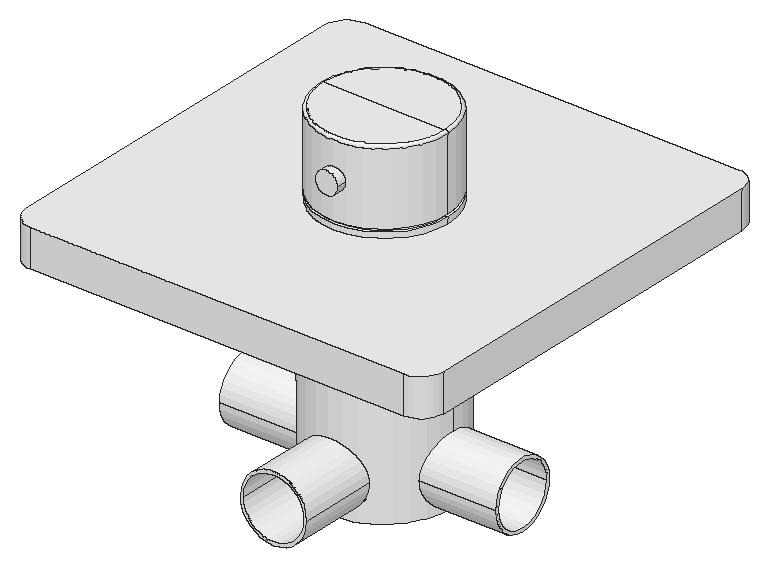
Revit family "Reece_Tap_American Standard_EasySET_Thermostatic Mixer", category Plumbing Fixtures, host Face, Revit 2018
Family settings
  Host = Face
  Round Connector Dimension = Use Diameter
  Part Type = Normal
  Cut with Voids When Loaded = No
  Shared = Yes
  Room Calculation Point = Yes
Parameters
  WFU = 0  # constant formula
  URL = "https://www.reece.com.au/product/-9508664"
  Type Comments = "Tap"
  Reece_Visibility_Mixer Outlet = if(Reece_Mixer_Outlet = 12 mm, 1 = 1, 1 = 0)  # yes
  Reece_Product_Web Page = "https://www.reece.com.au/product/-9508664"
  Reece_Product_Type = "Tap"  # constant formula
  Reece_Product_Sub Brand = "EasySET"  # constant formula
  Reece_Product_Number = "9508664"
  Reece_Product_Mount = "Wall Mounted"
  Reece_Product_Description = "American Standard EasySET Thermostatic Mixer Tap Chrome"
  Reece_Product_Brand = "American Standard"  # constant formula
  Reece_Overall_Width = 151 mm  # constant formula
  Reece_Overall_Projection [instance] = 68.5 mm
  Reece_Overall_Length = 151 mm  # constant formula
  Reece_Mixer_Outlet = 12 mm
  Reece_Mixer_Inlet = 12 mm  # constant formula
  Reece_Material-Main = Reece_Brass_Chrome
  Reece_Family_Controller = Reece_Shower_American Standard_EasySet_Thermostatic Mixer_Nested : Chrome
  Reece_Detail_Disclaimer = "THIS FILE IS THE PROPERTY OF THE REECE GROUP. IT MAY NOT BE REPRODUCED, REVERSE-ENGINEERED OR MODIFIED. ANY REPUBLICATION, TRANSMISSION OR DISTRIBUTION FOR THE PURPOSE OF COMMERCIALLY EXPLOITING THE FILES IS PROHIBITED."  # constant formula
  Reece_Detail_Additional = "Thermostatic Mixer"  # constant formula
  Model = "EasySET"
  Manufacturer = "American Standard"
  Keynote = "Product #9508664, Reece_Tap_American Standard_EasySET_Thermostatic Mixer -  "
  HWFU = 0  # constant formula
  Disclaimer = "THIS FILE IS THE PROPERTY OF THE REECE GROUP. IT MAY NOT BE REPRODUCED, REVERSE-ENGINEERED OR MODIFIED. ANY REPUBLICATION, TRANSMISSION OR DISTRIBUTION FOR THE PURPOSE OF COMMERCIALLY EXPLOITING THE FILES IS PROHIBITED."  # constant formula
  Description = "American Standard EasySET Thermostatic Mixer Tap Chrome"
  Default Elevation = 1000 mm
  CWFU = 0  # constant formula
Types (6, lengths in mm): name | URL | Reece_Visibility_Mixer Outlet | Reece_Product_Web Page | Reece_Product_Number | Reece_Product_Description | Reece_Mixer_Outlet | Reece_Family_Controller | Keynote | Description
  (no name) | "https://www.reece.com.au/product/-9508664" | yes | "https://www.reece.com.au/product/-9508664" | "9508664" | "American Standard EasySET Thermostatic Mixer Tap Chrome" | 12 | Reece_Shower_American Standard_EasySet_Thermostatic Mixer_Nested : Chrome | "Product #9508664, Reece_Tap_American Standard_EasySET_Thermostatic Mixer -  " | "American Standard EasySET Thermostatic Mixer Tap Chrome"
  Hand Shower Controller_Chrome | "https://www.reece.com.au/product/-9508660" | no | "https://www.reece.com.au/product/-9508660" | "9508660" | "American Standard EasySET Hand Shower Controller Chrome" | 0 | Reece_Shower_American Standard_EasySET_Hand Shower Controller_Nested : Chrome | "Product #9508660, Reece_Tap_American Standard_EasySET_Thermostatic Mixer - Hand Shower Controller_Chrome" | "American Standard EasySET Hand Shower Controller Chrome"
  Mixer Tap_Chrome | "https://www.reece.com.au/product/-9508664" | yes | "https://www.reece.com.au/product/-9508664" | "9508664" | "American Standard EasySET Thermostatic Mixer Tap Chrome" | 12 | Reece_Shower_American Standard_EasySet_Thermostatic Mixer_Nested : Chrome | "Product #9508664, Reece_Tap_American Standard_EasySET_Thermostatic Mixer - Mixer Tap_Chrome" | "American Standard EasySET Thermostatic Mixer Tap Chrome"
  Body Shower Controller_Chrome | "https://www.reece.com.au/product/-9508662" | no | "https://www.reece.com.au/product/-9508662" | "9508662" | "American Standard EasySET Body Shower Controller Chrome" | 0 | Reece_Shower_American Standard_EasySET_Body Shower Controller_Nested : Chrome | "Product #9508662, Reece_Tap_American Standard_EasySET_Thermostatic Mixer - Body Shower Controller_Chrome" | "American Standard EasySET Body Shower Controller Chrome"
  Overhead Shower Controller_Chrome | "https://www.reece.com.au/product/-9508661" | no | "https://www.reece.com.au/product/-9508661" | "9508661" | "American Standard EasySET Overhead Shower Controller Chrome" | 0 | Reece_Shower_American Standard_EasySET_Overhead Shower Controller_Nested : Chrome | "Product #9508661, Reece_Tap_American Standard_EasySET_Thermostatic Mixer - Overhead Shower Controller_Chrome" | "American Standard EasySET Overhead Shower Controller Chrome"
  PreSet Controller_Chrome | "https://www.reece.com.au/product/-9508663" | no | "https://www.reece.com.au/product/-9508663" | "9508663" | "American Standard EasySET PreSet Controller Chrome" | 0 | Reece_Shower_American Standard_EasySET_PreSet Controller_Nested : Chrome | "Product #9508663, Reece_Tap_American Standard_EasySET_Thermostatic Mixer - PreSet Controller_Chrome" | "American Standard EasySET PreSet Controller Chrome"
Reference planes
  plane 1 "Center (Front/Back)": y = 0
  plane 2: z = 0
  plane 3 "Center (Left/Right)": x = 0
  plane 4: x = 75.5
  plane 5: x = -75.5
  plane 6: y = 75.5
  plane 7: y = -75.5
  plane 8: z = 68.5
Forms (mm)
  Extrusion 1, void
    sketch origin (0, 0, 136.536) x (1, 0, 0) y (0, 1, 0)
      loop
        circle (0, 0) r 22.5
    from -146.501 to -136.536
  Extrusion 2, solid, material "Reece_Brass_Chrome" <- "Reece_Material-Main"
    sketch origin (0.236, 0, -23) x (1, 0, 0) y (0, 1, 0)
      loop
        circle (-0.236, 0) r 23
      loop
        circle (-0.236, 0) r 22
    from -10 to 13
  Extrusion 3, void
    sketch origin (100, 0, -35) x (0, -1, 0) y (0, 0, 1)
      loop
        circle (0, -30) r 11
    from 50 to 150
  Extrusion 4, solid, material "Reece_Brass_Chrome" <- "Reece_Material-Main"
    sketch origin (0, 0, -35) x (0, -1, 0) y (0, 0, 1)
      loop
        circle (0, -30) r 12
    from -50 to -20
  Extrusion 5, solid, material "Reece_Brass_Chrome" <- "Reece_Material-Main"
    sketch origin (0.236, 0, -31.5) x (1, 0, 0) y (0, 1, 0)
      loop
        circle (-0.236, 0) r 25
      loop
        circle (-0.236, 0) r 22
    from -46.5 to -1.5
  Extrusion 6, solid, material "Reece_Brass_Chrome" <- "Reece_Material-Main"
    sketch origin (0.236, 0, -91) x (1, 0, 0) y (0, 1, 0)
      loop
        circle (-0.236, 0) r 22
    from 13 to 14
  Extrusion 7, solid, material "Reece_Brass_Chrome" <- "Reece_Material-Main"
    sketch origin (0, 0, -35) x (0, -1, 0) y (0, 0, -1)
      loop
        circle (0, 30) r 12
    from -50 to -20
  Extrusion 8, solid, material "Reece_Brass_Chrome" <- "Reece_Material-Main", visible <- "Reece_Visibility_Mixer Outlet"
    sketch origin (0, 0, -35) x (-1, 0, 0) y (0, 0, 1)
      loop
        circle (0, -30) r 12
    from -50 to -20
  Extrusion 9, void
    sketch origin (0, 0, 0) x (1, 0, 0) y (0, 0, 1)
      loop
        circle (0, -65) r 11
    from 20 to 50
Cuts and joins
  Extrusion 9 cuts Extrusion 2
  Extrusion 3, Extrusion 9 cuts Extrusion 4
  Extrusion 9 cuts Extrusion 6
  Extrusion 3, Extrusion 9 cuts Extrusion 7
  joined: Extrusion 2, Extrusion 4, Extrusion 5, Extrusion 6, Extrusion 7
  Extrusion 9 cuts Extrusion 8
Text (mm)
  text "Reece Copyright © 2018, Reece Ltd." at (-1403.988, -1192.393, 0), in view "Ref. Level"
  text "Reece ©" at (26.028, 191.606, 143.357), in view "Reece Preview"
Dimensions and locks
  "Reece_Overall_Length": plane 5 to plane 4
  equal spacing: plane 5, plane 3 "Center (Left/Right)", plane 4
  "Reece_Overall_Width": plane 6 to plane 7
  equal spacing: plane 7, plane 1 "Center (Front/Back)", plane 6
  "Reece_Overall_Projection": plane 8 to level
  aligned and locked: plane 2 to host face
  aligned and locked: level to host face
  aligned and locked: plane 3 "Center (Left/Right)" to nested 1
  aligned and locked: nested 1 to plane 1 "Center (Front/Back)"
Automatic sketch dimensions
  host sketch curve to host sketch curve = 400 mm  (x2)
  plane 1 "Center (Front/Back)" to Extrusion 1 sketch curve = 0 mm
  Extrusion 1 sketch curve to plane 3 "Center (Left/Right)" = 0 mm
  Extrusion 2 sketch curve to Extrusion 2 sketch curve = 0 mm  (x2)
  plane 1 "Center (Front/Back)" to Extrusion 2 sketch curve = 0 mm
  Extrusion 2 sketch curve to plane 3 "Center (Left/Right)" = 0 mm
  Extrusion 3 sketch curve to plane 1 "Center (Front/Back)" = 0 mm
  Extrusion 3 sketch curve to level = 65 mm
  Extrusion 4 sketch curve to plane 1 "Center (Front/Back)" = 0 mm
  Extrusion 4 sketch curve to level = 65 mm
  Extrusion 5 sketch curve to Extrusion 5 sketch curve = 0 mm  (x2)
  plane 1 "Center (Front/Back)" to Extrusion 5 sketch curve = 0 mm
  Extrusion 5 sketch curve to plane 3 "Center (Left/Right)" = 0 mm
  plane 1 "Center (Front/Back)" to Extrusion 6 sketch curve = 0 mm
  Extrusion 6 sketch curve to plane 3 "Center (Left/Right)" = 0 mm
  Extrusion 7 sketch curve to plane 1 "Center (Front/Back)" = 0 mm
  Extrusion 7 sketch curve to level = 65 mm
  plane 3 "Center (Left/Right)" to Extrusion 8 sketch curve = 0 mm
  Extrusion 8 sketch curve to level = 65 mm
  Extrusion 9 sketch curve to plane 3 "Center (Left/Right)" = 0 mm
  Extrusion 9 sketch curve to level = 65 mm
  radius of Extrusion 1 sketch curve = 22.5 mm
  radius of Extrusion 2 sketch curve = 23 mm
  radius of Extrusion 2 sketch curve = 22 mm
  radius of Extrusion 3 sketch curve = 11 mm
  radius of Extrusion 4 sketch curve = 12 mm
  radius of Extrusion 5 sketch curve = 25 mm
  radius of Extrusion 5 sketch curve = 22 mm
  radius of Extrusion 6 sketch curve = 22 mm
  radius of Extrusion 7 sketch curve = 12 mm
  radius of Extrusion 8 sketch curve = 12 mm
  radius of Extrusion 9 sketch curve = 11 mm
Nested families
  nested 1: "Reece_Shower_American Standard_EasySet_Thermostatic Mixer_Nested" at (0, 0, 0) x (-1, 0, 0) z (0, 0, 1), Reece_Material-Main <- "Reece_Material-Main", type <- "Reece_Family_Controller", type "Chrome"
    with Reece_Material-Main Reece_Brass_Chrome
Connectors
  piping at (-50, 0, -65), diameter 12, driven by "Reece_Mixer_Inlet"
    settings: on cut or joined group of Extrusion 2, Extrusion 3, Extrusion 4, Extrusion 5, Extrusion 6, Extrusion 7, Extrusion 9, index 3, connector inside diameter 609.6 mm, connector length 0 mm, flow factor 0, pipe flow 0.0 L/s, pressure drop 0.0 Pa, fitting loss kfactor 0, connector angle 0.00°, fixture units 0, engagement length 0 mm, angle of deflection 0.00°, flow configuration 0, flow direction 0, fitting loss method 0, system type 7, joint type 0, gender type 0, connector reference index -1, connector utility 0, adjustable connector no, is connector primary yes, connector description ""
  piping at (50, 0, -65), diameter 12, driven by "Reece_Mixer_Inlet"
    settings: on cut or joined group of Extrusion 2, Extrusion 3, Extrusion 4, Extrusion 5, Extrusion 6, Extrusion 7, Extrusion 9, index 4, connector inside diameter 609.6 mm, connector length 0 mm, flow factor 0, pipe flow 0.0 L/s, pressure drop 0.0 Pa, fitting loss kfactor 0, connector angle 0.00°, fixture units 0, engagement length 0 mm, angle of deflection 0.00°, flow configuration 0, flow direction 0, fitting loss method 0, system type 7, joint type 0, gender type 0, connector reference index -1, connector utility 0, adjustable connector no, is connector primary no, connector description ""
  piping at (0, -50, -65), diameter 12, driven by "Reece_Mixer_Outlet"
    settings: on cut or joined group of Extrusion 8, Extrusion 9, index 5, connector inside diameter 609.6 mm, connector length 0 mm, flow factor 0, pipe flow 0.0 L/s, pressure drop 0.0 Pa, fitting loss kfactor 0, connector angle 0.00°, fixture units 0, engagement length 0 mm, angle of deflection 0.00°, flow configuration 0, flow direction 2, fitting loss method 0, system type 29, joint type 0, gender type 0, connector reference index -1, connector utility 0, adjustable connector no, is connector primary no, connector description ""
Definition of nested family "Reece_Shower_American Standard_EasySet_Thermostatic Mixer_Nested"
  Parameters (values of type "Chrome")
    Waste Connection = no
    WFU = 0
    Vent Connection = no
    URL = ""
    Type Comments = ""
    Reece_Material-Main [instance] = none
    Model = ""
    Manufacturer = ""
    Keynote = ""
    HWFU = 0
    HW Connection = no
    Description = ""
    Default Elevation = 0 mm
    Cost = 0
    CWFU = 0
    CW Connection = no
    Assembly Code = ""
  Reference planes
    plane 1 "Center (Front/Back)": y = 0
    plane 2: z = 0
    plane 3 "Center (Left/Right)": x = 0
    plane 4: x = 75.5
    plane 5: x = -75.5
    plane 6: y = 75.5
    plane 7: y = -75.5
  Forms (mm)
    Extrusion 1, solid
      sketch origin (619.2, 20, 0) x (1, 0, 0) y (0, 1, 0)
        loop
          line (-819.2, 180) -> (-819.2, -220) -> (-419.2, -220) -> (-419.2, 180) -> (-819.2, 180)
      from 0 to -35.776
    Extrusion 2, solid, material <- "Reece_Material-Main"
      sketch origin (0, 0, 0) x (1, 0, 0) y (0, 1, 0)
        loop
          arc (-67.5, 75.5) -> (-73.157, 73.157) -> (-75.5, 67.5) r 8
          line (-75.5, 67.5) -> (-75.5, -67.5)
          arc (-75.5, -67.5) -> (-73.157, -73.157) -> (-67.5, -75.5) r 8
          line (-67.5, -75.5) -> (67.5, -75.5)
          arc (67.5, -75.5) -> (73.157, -73.157) -> (75.5, -67.5) r 8
          line (75.5, -67.5) -> (75.5, 67.5)
          arc (75.5, 67.5) -> (73.157, 73.157) -> (67.5, 75.5) r 8
          line (67.5, 75.5) -> (-67.5, 75.5)
      from 0 to 13.5
    Revolve 3, solid, material <- "Reece_Material-Main"
      sketch origin (0, 0, 0) x (1, 0, 0) y (0, 0, 1)
        loop
          line (0, 43.5) -> (-22, 43.5)
          arc (-22, 43.5) -> (-22.707, 43.207) -> (-23, 42.5) r 1
          line (-23, 42.5) -> (-23, 16.5) -> (-22, 16.5) -> (-22, 15.5) -> (-23, 15.5) -> (-23, 13.5) -> (0, 13.5) -> (0, 43.5)
        axis (0, 43.5) -> (0, 13.5)
      angle from 0 to 360
    Extrusion 4, solid, material <- "Reece_Material-Main"
      sketch origin (0, 0, 2.509) x (1, 0, 0) y (0, 0, 1)
        loop
          circle (0, 27.491) r 4
      from 22 to 26
    Extrusion 5, void
      sketch origin (0, 0, 0) x (1, 0, 0) y (0, 1, 0)
        loop
          circle (0, 0) r 22.5
      from 0 to 13.5
  Cuts and joins
    Extrusion 5 cuts Extrusion 2
    joined: Extrusion 2, Revolve 3, Extrusion 4
  Text (mm)
    text "Reece Copyright © 2018, Reece Ltd." at (-684.407, -223.434, 0), in view "Ref. Level"
    text "Reece ©" at (290.323, 26.521, 334.836), in view "Reece_Preview"
  Dimensions and locks
    plane 5 to plane 4 = 151 mm
    plane 6 to plane 7 = 151 mm
    equal spacing: plane 5, plane 3 "Center (Left/Right)", plane 4
    equal spacing: plane 6, plane 1 "Center (Front/Back)", plane 7
    aligned and locked: Extrusion 1 to plane 2
    aligned and locked: level to Extrusion 1
    aligned and locked: Revolve 3 sketch curve to plane 3 "Center (Left/Right)"
  Automatic sketch dimensions
    Extrusion 1 sketch curve to Extrusion 1 sketch curve = 400 mm  (x2)
    Extrusion 2 sketch curve to plane 5 = 0 mm
    Extrusion 2 sketch curve to plane 7 = 0 mm
    Extrusion 2 sketch curve to plane 6 = 0 mm
    Extrusion 2 sketch curve to plane 4 = 0 mm
    Extrusion 2 sketch curve to plane 5 = 8 mm
    Extrusion 2 sketch curve to Extrusion 2 sketch curve = 8 mm  (x2)
    plane 4 to Extrusion 2 sketch curve = 8 mm
    Extrusion 4 sketch curve to plane 3 "Center (Left/Right)" = 0 mm
    level to Extrusion 4 sketch curve = 30 mm
    Revolve 3 sketch curve to Revolve 3 sketch curve = 22 mm
    Revolve 3 sketch curve to Revolve 3 sketch curve = 23 mm
    level to Revolve 3 sketch curve = 13.5 mm
    Revolve 3 sketch curve to Revolve 3 sketch curve = 0 mm  (x2)
    Revolve 3 sketch curve to level = 6.5 mm
    Revolve 3 sketch curve to Revolve 3 sketch curve = 2 mm
    Revolve 3 sketch curve to Revolve 3 sketch curve = 26 mm
    Revolve 3 sketch curve to Revolve 3 sketch curve = 10 mm
    Revolve 3 sketch curve to Revolve 3 sketch curve = 1 mm
    Revolve 3 sketch curve to plane 3 "Center (Left/Right)" = 0 mm
    plane 1 "Center (Front/Back)" to Extrusion 5 sketch curve = 0 mm
    Extrusion 5 sketch curve to plane 3 "Center (Left/Right)" = 0 mm
    radius of Extrusion 4 sketch curve = 4 mm
    radius of Extrusion 5 sketch curve = 22.5 mm
